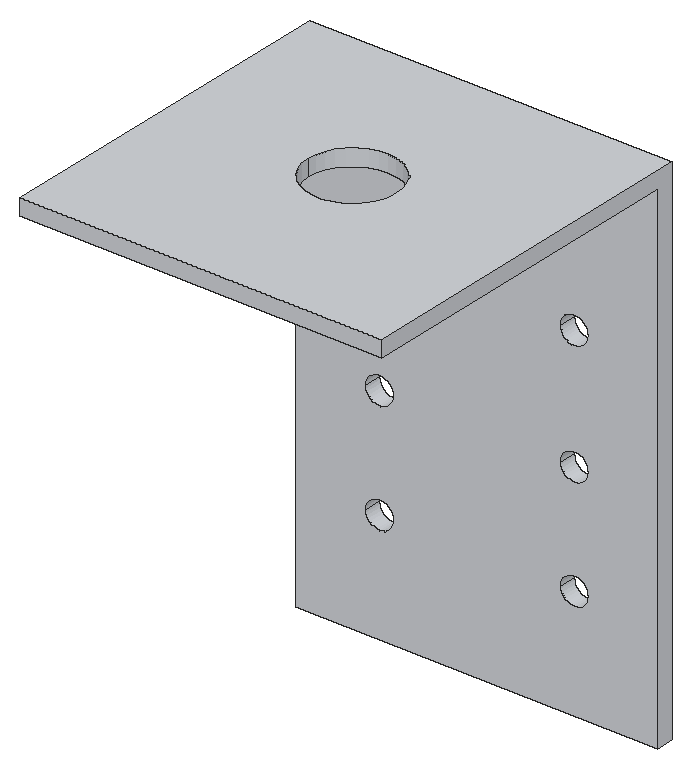
Revit family "Lifting Toggle", category Structural Connections, Revit 2024
Family settings
  Material for Model Behavior = Other
  Work Plane-Based = No
  Enable Cutting in Views = No
  Always vertical = Yes
  Cut with Voids When Loaded = No
  Shared = No
Parameters (values of type "M16")
  t = 3 mm
  hole suppresion = if(M12, 7 mm, 3 mm)  # 3 mm
  h = 90 mm
  b = 65 mm
  Weight = 0.00 kgf/m
  Void Diameter = 0 mm
  Reported Length = Length  # 65 mm
  Placement Offset = 0 mm
  Material = Steel, S 275
  M12 = no
  Length = 65 mm
  Bolt_Radius(D) = 8 mm
  Bolt_L = 25 mm
  Bolt Diameter = 0 mm
Types (2, lengths in mm): name | hole suppresion | h | M12 | Bolt_Radius(D)
  M16 | 3 | 90 | no | 8
  M12 | 7 | 70 | yes | 6
Reference planes
  plane 1 "Center (Front/Back)": y = 0
  plane 2: z = 0
  plane 3 "Left": x = 0
  plane 4: x = 65
  plane 5: z = -90
  plane 6: y = 3
  plane 7: z = 3
  plane 8: y = -62
  plane 9: z = -50
  plane 10: z = -28
  plane 11: y = -28
  plane 12 "Center": x = 32.5
  plane 13: z = -70
  plane 14: z = -12
  plane 15: z = 113
  plane 16: z = 19
  plane 17: z = 49
  plane 18: y = 3
  plane 19: y = 0
Forms (mm)
  Sweep 1, solid
    path in 3D
      loop
        line (0, 0, 0) -> (65, 0, 0)
    profile origin (32.5, 0, 0) x (0, 1, 0) y (0, 0, 1)
      loop
        line (0, -90) -> (3, -90) -> (3, 3) -> (-62, 3) -> (-62, 0) -> (0, 0) -> (0, -90)
  Extrusion 2, void
    sketch origin (-9.5, 0, 0) x (1, 0, 0) y (0, 0, 1)
      loop
        circle (24.5, -28) r 2.5
    from -3 to 0
  Extrusion 3, void
    sketch origin (25.5, 0, 0) x (1, 0, 0) y (0, 0, 1)
      loop
        circle (24.5, -28) r 2.5
    from -3 to 0
  Extrusion 4, void
    sketch origin (-9.5, 0, -22) x (1, 0, 0) y (0, 0, 1)
      loop
        circle (24.5, -28) r 2.5
    from -3 to 0
  Extrusion 5, void
    sketch origin (25.5, 0, -22) x (1, 0, 0) y (0, 0, 1)
      loop
        circle (24.5, -28) r 2.5
    from -3 to 0
  Extrusion 6, void
    sketch origin (0, 0, 0) x (1, 0, 0) y (0, 1, 0)
      loop
        circle (32.5, -28) r 8
    from 0 to 3
  Extrusion 7, void
    sketch origin (-9.5, 0, -42) x (1, 0, 0) y (0, 0, 1)
      loop
        circle (24.5, -28) r 2.5
    from -3 to 0
  Extrusion 8, void
    sketch origin (25.5, 0, -42) x (1, 0, 0) y (0, 0, 1)
      loop
        circle (24.5, -28) r 2.5
    from -3 to 0
Cuts and joins
  Extrusion 2, Extrusion 3, Extrusion 4, Extrusion 5, Extrusion 6, Extrusion 7, Extrusion 8 cuts Sweep 1
Lines and regions (mm)
  model lines, style "StructConnections"
    curve 1: line (0, 0, 0) -> (65, 0, 0)
  sketch lines
    curve 2: line (0, 0, 0) -> (65, 0, 0)
Dimensions and locks
  "Length": plane 3 "Left" to plane 4
  "h": plane 2 to plane 5
  "t": plane 6 to plane 1 "Center (Front/Back)"  (x2)
  "b": plane 6 to plane 8
  "t": plane 7 to level
  equal spacing: plane 3 "Left", plane 12 "Center", plane 4
  plane 11 to plane 1 "Center (Front/Back)" = 28 mm
  plane 17 to plane 16 = 30 mm
  locked: plane 18 to plane 19 at 3
  "hole suppresion": plane 6 to plane 19
  "Bolt_Radius(D)": radius of Extrusion 6 sketch curve
  aligned and locked: level to plane 2
  aligned and locked: plane 1 "Center (Front/Back)" to curve 1
  aligned and locked: plane 1 "Center (Front/Back)" to Sweep 1 sketch curve
  aligned and locked: plane 5 to Sweep 1 sketch curve
  aligned and locked: profile plane to level
  aligned and locked: Sweep 1 sketch curve to plane 6
  aligned and locked: level to Sweep 1 sketch curve
  aligned and locked: Sweep 1 sketch curve to plane 7
  aligned and locked: cut or joined group of Sweep 1, Extrusion 2, Extrusion 3, Extrusion 4, Extrusion 5, Extrusion 6, Extrusion 7, Extrusion 8 to Extrusion 2
  aligned and locked: plane 8 to Sweep 1 sketch curve
  aligned and locked: Extrusion 7 to plane 18
  aligned and locked: plane 19 to Extrusion 7
  aligned and locked: Extrusion 8 to plane 18
  aligned and locked: plane 19 to Extrusion 8
  aligned and locked: plane 1 "Center (Front/Back)" to Extrusion 4
Automatic sketch dimensions
  curve 1 to plane 3 "Left" = 0 mm
  curve 1 to plane 4 = 0 mm
  Extrusion 2 sketch curve to plane 10 = 0 mm
  Extrusion 3 sketch curve to plane 10 = 0 mm
  Extrusion 4 sketch curve to plane 9 = 0 mm
  Extrusion 5 sketch curve to plane 9 = 0 mm
  Extrusion 7 sketch curve to plane 13 = 0 mm
  Extrusion 8 sketch curve to plane 13 = 0 mm
  Extrusion 3 sketch curve to plane 4 = 15 mm
  Extrusion 5 sketch curve to plane 4 = 15 mm
  Extrusion 8 sketch curve to plane 4 = 15 mm
  plane 3 "Left" to Extrusion 2 sketch curve = 15 mm
  plane 3 "Left" to Extrusion 4 sketch curve = 15 mm
  plane 3 "Left" to Extrusion 7 sketch curve = 15 mm
  Extrusion 6 sketch curve to plane 11 = 0 mm
  Extrusion 6 sketch curve to plane 12 "Center" = 0 mm
  radius of Extrusion 2 sketch curve = 2.5 mm
  radius of Extrusion 3 sketch curve = 2.5 mm
  radius of Extrusion 4 sketch curve = 2.5 mm
  radius of Extrusion 5 sketch curve = 2.5 mm
  radius of Extrusion 7 sketch curve = 2.5 mm
  radius of Extrusion 8 sketch curve = 2.5 mm
